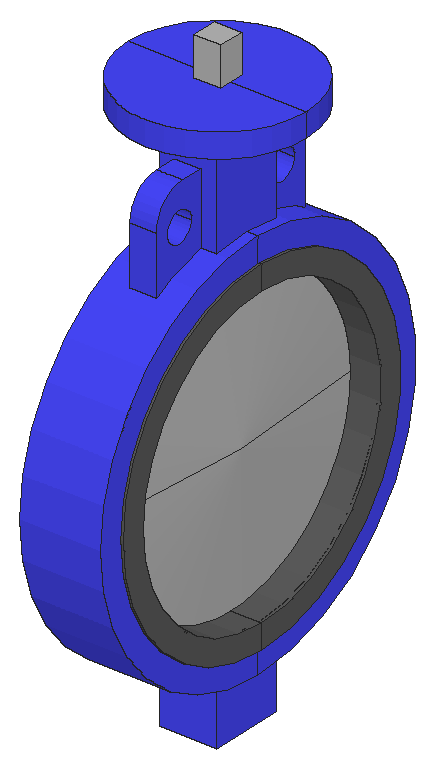
Revit family "931-10-001 DN100-300", category Pipe Accessories, Revit 2022
Family settings
  Round Connector Dimension = Use Diameter
  Part Type = Valve - Breaks Into
  Work Plane-Based = No
  Always vertical = Yes
  Cut with Voids When Loaded = No
  Shared = No
Parameters (values of type "DN250 PN16")
  wafer_fillet = wafer / 2  # 46.875 mm
  wafer_dim2 = size_lookup(Search_table, "wafer_dim2", 0 mm, DN)  # 78 mm
  wafer_dim1 = size_lookup(Search_table, "wafer_dim1", 0 mm, DN)  # 32 mm
  wafer_F = size_lookup(Search_table, "wafer_F", 0 mm, DN)  # 28 mm
  wafer = Actuator_Flange_R * 1.5  # 93.75 mm
  rubber = (D - Bore_R) / 2  # 20 mm
  hole1 = G / 2  # 11 mm
  disk2 = size_lookup(Search_table, "disk2", 0 mm, DN)  # 250 mm
  disk1 = size_lookup(Search_table, "disk1", 0 mm, DN)  # 19.8 mm
  disk = size_lookup(Search_table, "disk", 0 mm, DN)  # 11 mm
  base_dis = size_lookup(Search_table, "base_dis", 0 mm, DN)  # 210 mm
  base1 = C / 5  # 13.6 mm
  base = C * 0.7 / 2  # 23.8 mm
  URL_product_pages = "https://www.avkvalves.com/P.aspx?no=93110010020040200000"
  Search_table = "931-10-001 DN100-300"
  PCD_R = size_lookup(Search_table, "PCD_R", 0 mm, DN)  # 179 mm
  PCD = 0 mm
  Hole_dia = size_lookup(Search_table, "Hole_dia", 0 mm, DN)  # 26 mm
  Hole = G * 1.1  # 24.2 mm
  H = size_lookup(Search_table, "H", 0 mm, DN) / 2  # 75 mm
  G = size_lookup(Search_table, "G", 0 mm, DN)  # 22 mm
  Flange_T = size_lookup(Search_table, "Flange_T", 0 mm, DN)  # 20 mm
  Flange_R = size_lookup(Search_table, "Flange_R", 0 mm, DN)  # 200 mm
  F = size_lookup(Search_table, "F", 0 mm, DN)  # 32 mm
  E = size_lookup(Search_table, "E", 0 mm, DN)  # 273 mm
  Description_ = "AVK BUTTERFLY VALVE, WAFER, PN10/16"
  Default Elevation = 0 mm
  DN300_PN16 = "931-300-10-020020200000"
  DN300_PN10 = "931-300-10-010020200000"
  DN250 PN16 = "931-250-10-020020200000"
  DN250 PN10 = "931-250-10-010020200000"
  DN200_PN16 = "931-200-10-020020200000"
  DN200_PN10 = "931-200-10-010020200000"
  DN150_PN10/16 = "931-150-10-020040200000"
  DN100_PN10/16 = "931-100-10-020040200000"
  DN = 250.1 mm
  D1 = size_lookup(Search_table, "D1", 0 mm, DN)  # 330 mm
  D = size_lookup(Search_table, "D", 0 mm, DN) / 2  # 165 mm
  C = size_lookup(Search_table, "C", 0 mm, DN)  # 68 mm
  Bore_R = size_lookup(Search_table, "Bore_R", 0 mm, DN)  # 125 mm
  Body_thickness = B1 * 1.05  # 132.3 mm
  Body_dim1 = C * 0.7  # 47.6 mm
  Body_dim = Actuator_Flange_R * 0.5  # 31.25 mm
  Body_Thickness = size_lookup(Search_table, "Body_Thickness", 0 mm, DN)  # 8 mm
  B1 = B + 1 mm  # 126 mm
  B = size_lookup(Search_table, "B", 0 mm, DN) / 2  # 125 mm
  Actuator_Flange_R = size_lookup(Search_table, "Actuator_Flange_R", 0 mm, DN) / 2  # 62.5 mm
  Actuator_FL_T = size_lookup(Search_table, "Actuator_FL_T", 0 mm, DN)  # 20 mm
  2 = 3 mm  # constant formula
  1 = 1 mm  # constant formula
Types (9, lengths in mm): name | wafer_fillet | wafer_dim2 | wafer_dim1 | wafer_F | wafer | rubber | hole1 | disk2 | disk1 | disk | base_dis | base1 | base | PCD_R | Hole_dia | Hole | H | G | Flange_T | Flange_R | F | E | DN | D1 | D | C | Bore_R | Body_thickness | Body_dim1 | Body_dim | Body_Thickness | B1 | B | Actuator_Flange_R | Actuator_FL_T
  (no name) | 46.875 | 78 | 32 | 28 | 93.75 | 20 | 11 | 250 | 19.8 | 11 | 210 | 13.6 | 23.8 | 179 | 26 | 24.2 | 75 | 22 | 20 | 200 | 32 | 273 | 250.1 | 330 | 165 | 68 | 125 | 132.3 | 47.6 | 31.25 | 8 | 126 | 125 | 62.5 | 20
  DN100_PN10/16 | 33.75 | 50 | 35 | 16 | 67.5 | 15.5 | 5.5 | 104 | 9.9 | 5.5 | 102 | 10.4 | 18.2 | 94 | 19 | 12.1 | 45 | 11 | 19 | 110 | 22 | 178 | 100 | 162 | 81 | 52 | 50 | 55.65 | 36.4 | 22.5 | 6 | 53 | 52 | 45 | 19
  DN150_PN10/16 | 33.75 | 62 | 28 | 20 | 67.5 | 16.5 | 7 | 148 | 12.6 | 7 | 133 | 11.2 | 19.6 | 120 | 24 | 15.4 | 45 | 14 | 19 | 142.5 | 30 | 203 | 150 | 216 | 108 | 56 | 75 | 78.75 | 39.2 | 22.5 | 6 | 75 | 74 | 45 | 19
  DN200_PN10 | 46.875 | 76 | 37 | 20 | 93.75 | 17.75 | 8.5 | 199 | 15.3 | 8.5 | 170 | 12 | 21 | 147.5 | 24 | 18.7 | 62.5 | 17 | 19 | 170 | 30 | 241 | 200 | 271 | 135.5 | 60 | 100 | 105.525 | 42 | 31.25 | 7 | 100.5 | 99.5 | 62.5 | 19
  DN200_PN16 | 46.875 | 76 | 37 | 20 | 93.75 | 17.75 | 8.5 | 199 | 15.3 | 8.5 | 170 | 12 | 21 | 147.5 | 24 | 18.7 | 62.5 | 17 | 20 | 170 | 30 | 241 | 200.1 | 271 | 135.5 | 60 | 100 | 105.525 | 42 | 31.25 | 7 | 100.5 | 99.5 | 62.5 | 20
  DN250 PN10 | 46.875 | 86 | 31 | 28 | 93.75 | 20 | 11 | 250 | 19.8 | 11 | 210 | 13.6 | 23.8 | 179 | 26 | 24.2 | 75 | 22 | 22 | 200 | 32 | 273 | 250 | 330 | 165 | 68 | 125 | 132.3 | 47.6 | 31.25 | 8 | 126 | 125 | 62.5 | 22
  DN250 PN16 | 46.875 | 78 | 32 | 28 | 93.75 | 20 | 11 | 250 | 19.8 | 11 | 210 | 13.6 | 23.8 | 179 | 26 | 24.2 | 75 | 22 | 20 | 200 | 32 | 273 | 250.1 | 330 | 165 | 68 | 125 | 132.3 | 47.6 | 31.25 | 8 | 126 | 125 | 62.5 | 20
  DN300_PN10 | 46.875 | 90 | 38 | 29 | 93.75 | 19 | 11 | 300 | 19.8 | 11 | 238 | 15.6 | 27.3 | 200 | 28 | 24.2 | 75 | 22 | 24.5 | 227.5 | 32 | 311 | 300 | 376 | 188 | 78 | 150 | 158.55 | 54.6 | 31.25 | 8 | 151 | 150 | 62.5 | 20
  DN300_PN16 | 46.875 | 85 | 40 | 29 | 93.75 | 19 | 11 | 300 | 19.8 | 11 | 238 | 15.6 | 27.3 | 205 | 28 | 24.2 | 75 | 22 | 24.5 | 227.5 | 32 | 311 | 300.1 | 376 | 188 | 78 | 150 | 158.55 | 54.6 | 31.25 | 8 | 151 | 150 | 62.5 | 20
Reference planes
  plane 1 "Center (Front/Back)": y = 0
  plane 2: z = 0
  plane 3 "Center (Left/Right)": x = 0
  plane 4: z = 227.5
  plane 5: x = -34
  plane 6: x = 34
  plane 7: z = 125
  plane 8: z = 273
  plane 9: z = 305
  plane 10: x = -11
  plane 11: x = 11
  plane 12: z = -62.5
  plane 13: z = 62.5
  plane 14: y = 11
  plane 15: y = -11
  plane 16: y = 11
  plane 17: y = -11
  plane 18: x = -23.8
  plane 19: x = 23.8
  plane 20: y = 31.25
  plane 21: y = -31.25
  plane 22: z = 253
  plane 23: z = 165
  plane 24: z = 133
  plane 25: z = 253
  plane 26: y = 125
  plane 27: x = -37
  plane 28: x = 37
  plane 29: x = -62.5
  plane 30: x = 62.5
  plane 31: z = 125
  plane 32: z = -125
  plane 33: y = -125
  plane 34: z = -125
  plane 35: z = 125
  plane 36: x = -11
  plane 37: x = 11
  plane 38: z = 221
  plane 39: y = -78
  plane 40: y = 78
  plane 41: z = 165
  plane 42: z = -165
  plane 43: x = -23.8
  plane 44: x = 23.8
  plane 45: z = 165
  plane 46: z = -165
  plane 47: x = -75
  plane 48: x = 75
Forms (mm)
  Revolve 1, solid, material "Default Roof"
    sketch origin (0, 0, 0) x (1, 0, 0) y (0, 0, 1)
      loop
        line (-34, 126) -> (34, 126) -> (34, 165) -> (-34, 165) -> (-34, 126)
      axis (-34, 0) -> (34, 0)
    angle from 0 to 360
  Revolve 2, solid, material "Default Roof"
    sketch origin (0, 0, 0) x (1, 0, 0) y (0, 0, 1)
      loop
        line (0, 273) -> (0, 253) -> (75, 253) -> (75, 273) -> (0, 273)
      axis (0, 273) -> (0, 253)
    angle from 0 to 360
  Extrusion 3, solid, material "Default Wall"
    sketch origin (0, 0, 0) x (1, 0, 0) y (0, 0, 1)
      loop
        line (-11, 305) -> (-11, 273) -> (11, 273) -> (11, 305) -> (-11, 305)
    from -11 to 11
  Extrusion 4, solid, material "Default Roof"
    sketch origin (0, 0, 0) x (1, 0, 0) y (0, 0, 1)
      loop
        line (-23.8, 253) -> (-23.8, 125) -> (23.8, 125) -> (23.8, 253) -> (-23.8, 253)
      loop
        line (-23.8, -126) -> (-23.8, -210) -> (23.8, -210) -> (23.8, -126) -> (-23.8, -126)
    from -31.25 to 31.25
  Extrusion 5, void
    sketch origin (0, 0, 0) x (0, 1, 0) y (0, 0, 1)
      loop
        line (31.25, 253) -> (11.25, 253) -> (11.25, 233) -> (31.25, 233) -> (31.25, 253)
      loop
        line (-11.25, 253) -> (-31.25, 253) -> (-31.25, 233) -> (-11.25, 233) -> (-11.25, 253)
    from 12 to 34
  Extrusion 6, void
    sketch origin (0, 0, 0) x (0, 1, 0) y (0, 0, 1)
      loop
        line (11.25, 233) -> (31.25, 233) -> (31.25, 253) -> (11.25, 253) -> (11.25, 233)
      loop
        line (-11.25, 253) -> (-31.25, 253) -> (-31.25, 233) -> (-11.25, 233) -> (-11.25, 253)
    from -34 to -12
  Revolve 7, solid, material "Default"
    sketch origin (0, 0, 0) x (1, 0, 0) y (0, 0, 1)
      loop
        line (-37, 145) -> (-37, 125) -> (37, 125) -> (37, 145) -> (34, 145) -> (34, 126) -> (-34, 126) -> (-34, 145) -> (-37, 145)
      axis (-37, 0) -> (37, 0)
    angle from 0 to 360
  Revolve 8, solid, material "Default Wall"
    sketch origin (0, 0, 0) x (1, 0, 0) y (0, 1, 0)
      loop
        line (-19.8, 0) -> (19.8, 0) -> (11, 125) -> (-11, 125) -> (-19.8, 0)
      axis (-19.8, 0) -> (19.8, 0)
    angle from 0 to 360
  Extrusion 9, solid, material "Default Roof"
    sketch origin (0, 0, 0) x (0, 1, 0) y (0, 0, 1)
      loop
        line (50, 221) -> (-50, 221)
        arc (-50, 221) -> (-69.799, 212.799) -> (-78, 193) r 28
        line (-78, 193) -> (-78, 125) -> (78, 125) -> (78, 193)
        arc (78, 193) -> (69.799, 212.799) -> (50, 221) r 28
      loop
        circle (-54, 187.125) r 13
      loop
        circle (54, 187.125) r 13
    from -11 to 11
Cuts and joins
  Extrusion 5, Extrusion 6 cuts Revolve 2
  Extrusion 5, Extrusion 6 cuts Extrusion 4
Dimensions and locks
  "B": plane 7 to level
  equal spacing: plane 6, plane 3 "Center (Left/Right)", plane 5
  "C": plane 6 to plane 5
  "E": plane 8 to level
  equal spacing: plane 11, plane 3 "Center (Left/Right)", plane 10
  "G": plane 11 to plane 10
  "F": plane 9 to plane 8
  equal spacing: plane 13, level, plane 12
  "B": plane 13 to plane 12
  "H": Revolve 2 sketch curve to plane 3 "Center (Left/Right)"
  "Actuator_FL_T": plane 8 to Revolve 2 sketch curve
  equal spacing: Extrusion 3 sketch curve, plane 3 "Center (Left/Right)", Extrusion 3 sketch curve
  equal spacing: plane 14, plane 1 "Center (Front/Back)", plane 15
  "G": plane 14 to plane 15
  equal spacing: plane 16, plane 1 "Center (Front/Back)", plane 17
  "G": plane 16 to plane 17
  equal spacing: Extrusion 4 sketch curve, plane 3 "Center (Left/Right)", Extrusion 4 sketch curve  (x2)
  "Actuator_FL_T": plane 8 to Extrusion 4 sketch curve
  equal spacing: plane 19, plane 3 "Center (Left/Right)", plane 18
  "Body_dim1": plane 19 to plane 18
  equal spacing: plane 20, plane 1 "Center (Front/Back)", plane 21
  "Body_dim": plane 20 to plane 1 "Center (Front/Back)"
  "Actuator_FL_T": plane 8 to Extrusion 5 sketch curve
  "Flange_T": plane 20 to Extrusion 5 sketch curve
  "Actuator_FL_T": plane 8 to plane 22
  "Flange_T": plane 22 to Extrusion 5 sketch curve
  equal spacing: Extrusion 5 sketch curve, plane 1 "Center (Front/Back)", Extrusion 5 sketch curve
  "G": plane 6 to cut or joined group of Extrusion 4, Extrusion 5, Extrusion 6
  "G": cut or joined group of Extrusion 4, Extrusion 5, Extrusion 6 to plane 5
  equal spacing: Revolve 7 sketch curve, plane 3 "Center (Left/Right)", Revolve 7 sketch curve  (x2)
  "2": plane 5 to Revolve 7 sketch curve
  "B1": Revolve 1 sketch curve to level
  "D": plane 23 to level
  "rubber": Revolve 7 sketch curve to plane 7
  "Body_Thickness": plane 24 to plane 7
  "Actuator_FL_T": plane 8 to plane 25
  "Flange_T": plane 25 to cut or joined group of Extrusion 4, Extrusion 5, Extrusion 6
  equal spacing: cut or joined group of Extrusion 4, Extrusion 5, Extrusion 6, plane 1 "Center (Front/Back)", cut or joined group of Extrusion 4, Extrusion 5, Extrusion 6
  "Flange_T": plane 20 to cut or joined group of Extrusion 4, Extrusion 5, Extrusion 6
  equal spacing: Revolve 8 sketch curve, plane 3 "Center (Left/Right)", Revolve 8 sketch curve  (x2)
  "disk": Revolve 8 sketch curve to plane 3 "Center (Left/Right)"
  "disk1": Revolve 8 sketch curve to plane 3 "Center (Left/Right)"
  equal spacing: plane 28, plane 3 "Center (Left/Right)", plane 27
  "2": plane 5 to plane 27
  plane 28 to plane 27 = 74 mm
  equal spacing: plane 30, plane 3 "Center (Left/Right)", plane 29
  "Actuator_Flange_R": plane 30 to plane 3 "Center (Left/Right)"
  equal spacing: plane 32, level, plane 31
  "disk2": plane 32 to plane 31
  "1": plane 31 to Revolve 7 sketch curve
  plane 6 to plane 5 = 68 mm  (x2)
  plane 29 to plane 30 = 125 mm
  equal spacing: plane 26, plane 1 "Center (Front/Back)", plane 33
  "disk2": plane 26 to plane 33
  equal spacing: plane 35, level, plane 34
  "disk2": plane 7 to plane 34
  equal spacing: Extrusion 9 sketch curve, plane 1 "Center (Front/Back)", Extrusion 9 sketch curve
  "wafer_dim1": plane 25 to Extrusion 9 sketch curve
  "wafer_dim2": Extrusion 9 sketch curve to plane 1 "Center (Front/Back)"
  equal spacing: Extrusion 9, plane 3 "Center (Left/Right)", Extrusion 9
  equal spacing: plane 36, plane 3 "Center (Left/Right)", plane 37
  "G": plane 37 to plane 36
  "wafer_dim1": plane 25 to plane 38
  equal spacing: plane 39, plane 1 "Center (Front/Back)", plane 40
  "wafer_dim2": plane 39 to plane 1 "Center (Front/Back)"
  "hole1": plane 39 to Extrusion 9 sketch curve
  "hole1": Extrusion 9 sketch curve to plane 40
  "wafer_fillet": plane 38 to Extrusion 9 sketch curve  (x2)
  equal spacing: plane 41, level, plane 42
  plane 41 to plane 42 = 330 mm
  "D": plane 41 to level
  plane 30 to plane 29 = 125 mm
  equal spacing: plane 44, plane 3 "Center (Left/Right)", plane 43
  "Body_dim1": plane 44 to plane 43
  plane 8 to level = 273 mm
  "1": plane 34 to Extrusion 4 sketch curve
  equal spacing: plane 45, level, plane 46
  "D1": plane 45 to plane 46
  "base_dis": level to cut or joined group of Extrusion 4, Extrusion 5, Extrusion 6
  equal spacing: plane 48, plane 3 "Center (Left/Right)", plane 47
  "H": plane 3 "Center (Left/Right)" to plane 47
  plane 48 to plane 47 = 150 mm
  "wafer_F": radius of Extrusion 9 sketch curve  (x2)
  "Hole_dia": diameter of Extrusion 9 sketch curve  (x2)
  aligned and locked: level to plane 2
  aligned and locked: plane 5 to Revolve 1 sketch curve
  aligned and locked: plane 6 to Revolve 1 sketch curve
  aligned and locked: Revolve 1 sketch curve to level
  aligned and locked: plane 3 "Center (Left/Right)" to Revolve 2 sketch curve
  aligned and locked: Revolve 2 sketch curve to plane 8
  aligned and locked: Revolve 2 sketch curve to plane 3 "Center (Left/Right)"
  aligned and locked: plane 10 to Extrusion 3 sketch curve
  aligned and locked: plane 8 to Extrusion 3 sketch curve
  aligned and locked: Extrusion 3 sketch curve to plane 9
  aligned and locked: Extrusion 3 to plane 16
  aligned and locked: Extrusion 3 to plane 17
  aligned and locked: Extrusion 4 sketch curve to plane 18
  aligned and locked: plane 7 to Extrusion 4 sketch curve
  aligned and locked: Extrusion 4 to plane 20
  aligned and locked: Extrusion 4 to plane 21
  aligned and locked: Extrusion 5 sketch curve to plane 22
  aligned and locked: plane 21 to Extrusion 5 sketch curve
  aligned and locked: Extrusion 5 sketch curve to Extrusion 5 sketch curve
  aligned and locked: plane 6 to Extrusion 5
  aligned and locked: cut or joined group of Revolve 2, Extrusion 5, Extrusion 6 to Extrusion 6 sketch curve  (x2)
  aligned and locked: Extrusion 6 to plane 5
  aligned and locked: Revolve 7 sketch curve to Revolve 7 sketch curve
  aligned and locked: Revolve 7 sketch curve to level
  aligned and locked: Revolve 7 sketch curve to plane 5
  aligned and locked: Extrusion 6 to plane 20
  aligned and locked: Extrusion 6 to plane 21
  aligned and locked: Extrusion 5 to plane 20
  aligned and locked: cut or joined group of Extrusion 4, Extrusion 5, Extrusion 6 to cut or joined group of Extrusion 4, Extrusion 5, Extrusion 6
  aligned and locked: plane 1 "Center (Front/Back)" to Revolve 8 sketch curve  (x2)
  aligned and locked: Revolve 8 sketch curve to plane 26
  aligned and locked: Revolve 7 sketch curve to plane 7
  aligned and locked: plane 35 to Extrusion 9 sketch curve
  aligned and locked: Extrusion 9 to plane 36
  aligned and locked: Extrusion 4 sketch curve to plane 43
  aligned and locked: plane 45 to Revolve 1 sketch curve
  aligned and locked: plane 1 "Center (Front/Back)" to nested 1
  aligned and locked: nested 1 to plane 41
Automatic sketch dimensions
  Extrusion 6 sketch curve to plane 21 = 0 mm
  Extrusion 6 sketch curve to plane 20 = 0 mm
  Extrusion 6 sketch curve to plane 17 = 0.25 mm
  Extrusion 6 sketch curve to plane 16 = 0.25 mm
  Extrusion 6 sketch curve to plane 25 = 20 mm  (x2)
  plane 10 to Revolve 1 sketch curve = 0.688 mm
  Revolve 1 sketch curve to plane 6 = 7.188 mm
  Revolve 2 sketch curve to plane 25 = 2.849 mm
  Revolve 2 sketch curve to Revolve 2 sketch curve = 2 mm
  Extrusion 4 sketch curve to plane 42 = 45 mm
  Extrusion 5 sketch curve to plane 20 = 0 mm
  plane 5 to Revolve 7 sketch curve = 1.194 mm
  plane 48 to Revolve 7 sketch curve = 8.69 mm
  Revolve 8 sketch curve to plane 27 = 2.935 mm
  plane 30 to Revolve 8 sketch curve = 6.863 mm
Nested families
  nested 1: "logo small-1" at (-23.8, 0, 170.729) x (0, -1, 0) z (-1, 0, 0), type "logo small-1"
Connectors
  piping at (-37, 0, 0), diameter 250.1, driven by "DN"
    settings: on Revolve 7, index 1, connector inside diameter 609.6 mm, connector length 0 mm, flow factor 0, pipe flow 0.0 L/s, pressure drop 0.0 Pa, fitting loss kfactor 0, connector angle 0.00°, fixture units 0, engagement length 0 mm, angle of deflection 0.00°, flow configuration 0, flow direction 0, fitting loss method 0, system type 7, joint type 0, gender type 0, connector reference index -1, connector utility 0, adjustable connector no, is connector primary yes, connector description ""
  piping at (37, 0, 0), diameter 250.1, driven by "DN"
    settings: on Revolve 7, index 2, connector inside diameter 609.6 mm, connector length 0 mm, flow factor 0, pipe flow 0.0 L/s, pressure drop 0.0 Pa, fitting loss kfactor 0, connector angle 0.00°, fixture units 0, engagement length 0 mm, angle of deflection 0.00°, flow configuration 0, flow direction 0, fitting loss method 0, system type 7, joint type 0, gender type 0, connector reference index -1, connector utility 0, adjustable connector no, is connector primary no, connector description ""
Definition of nested family "logo small-1"
  Parameters
    Default Elevation = 1219.2 mm
  Reference planes
    plane 1 "Center (Front/Back)": y = 0
    plane 2: z = 0
    plane 3 "Center (Left/Right)": x = 0
  Forms (mm)
    Extrusion 1, solid
      sketch origin (0, 0, 0) x (1, 0, 0) y (0, 1, 0)
        loop
          line (-26.697, 30) -> (-26.697, -20.859) -> (26.519, -20.859) -> (26.519, 30) -> (-26.697, 30)
      from 0 to -304.8
    Extrusion 2, solid
      sketch origin (0, 0, 0) x (1, 0, 0) y (0, 1, 0)
        loop
          line (-20.607, 8.379) -> (-20.607, 4.302) -> (-16.724, 4.302) -> (-20.607, -5.729) -> (-16.724, -5.729) -> (-15.818, -3.389) -> (-9.104, -3.389) -> (-8.117, -5.729) -> (-3.91, -5.729) -> (-9.864, 8.379) -> (-20.607, 8.379)
        loop
          line (-12.518, 5.079) -> (-14.33, 0) -> (-10.641, 0) -> (-12.518, 5.079)
        loop
          line (-8.635, 9.738) -> (-2.292, -5.729) -> (2.173, -5.729) -> (8.451, 9.738) -> (20.488, 9.738) -> (20.488, 13.686) -> (5.312, 13.686) -> (0, 0) -> (-5.463, 13.686) -> (-20.607, 13.686) -> (-20.607, 9.738) -> (-8.635, 9.738)
        loop
          line (20.488, 4.302) -> (20.488, 8.379) -> (16.605, 8.379)
          arc (16.605, 8.379) -> (15.328, 4.717) -> (11.816, 3.072) r 4.995
          line (11.816, 3.072) -> (13.952, 8.379) -> (9.68, 8.379) -> (3.921, -5.729) -> (8.29, -5.729) -> (10.518, -0.27) -> (14.236, -5.729) -> (19.616, -5.729) -> (14.879, 0.432)
          arc (14.879, 0.432) -> (17.563, 1.981) -> (19.616, 4.302) r 9.637
          line (19.616, 4.302) -> (20.488, 4.302)
      from 0 to 2
  Dimensions and locks
    aligned and locked: plane 2 to Extrusion 1
    aligned and locked: level to Extrusion 1
    aligned and locked: Extrusion 2 sketch curve to import instance  (x36)
    aligned and locked: plane 1 "Center (Front/Back)" to Extrusion 2 sketch curve
